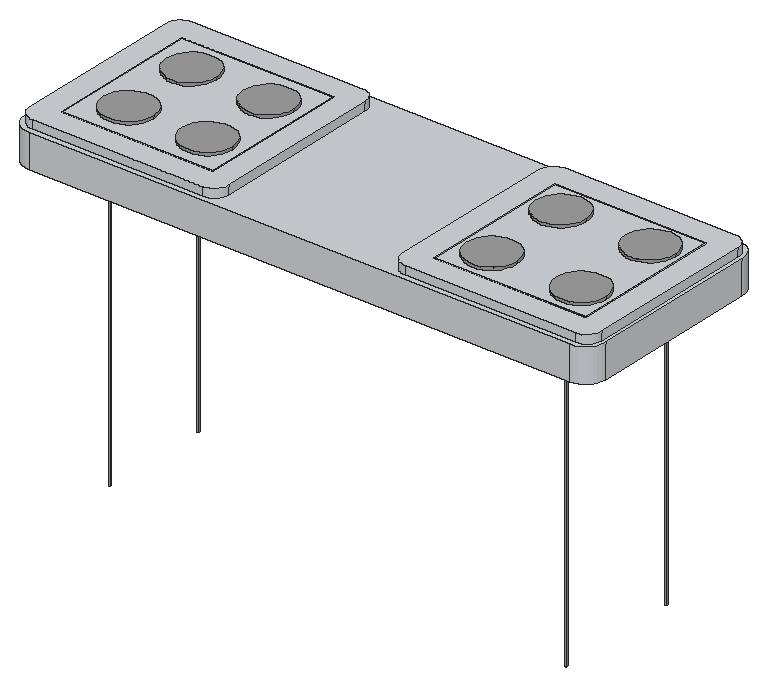
Revit family "Lighting-Industrial-GEWISS-SMART[4]HT_HIGHBAYS-LED_2M", category Apparecchi per illuminazione, Revit 2019
Family settings
  Quota connettore circolare = Usa diametro
  Tipo di parte = Normale
  Numero OmniClass = 23.80.70.00
  Titolo OmniClass = Lighting
  Basato su piano di lavoro = Sì
  Sempre verticale = No
  Taglio con vuoti quando caricato = No
  Sorgente d'illuminazione = No
  Condiviso = No
  Punto di calcolo locali = No
Parameters (values of type "GWS4220CQ857 - SMART4HB 2M ST.AL.ON/OFF HT ELL.57K")
  Wiring = "With GW connect watertight connector"
  Weight (kg): = "6,5"
  Warranty = "5 years"
  Voltaggio = 230 V
  Version file RFA = "20.11"
  Unique digital code (Datamatrix) = "Datamatrix"
  Unified Glare Rating = "-"
  URL = "https://www.gewiss.com/ww/en"
  Type of light source = "LED - Not replaceable"
  Tilt- = "With bracket accessory"
  Technical sheet = "https://www.gewiss.com/ww/en/search?q=GWS4220CQ857"
  System power = "95W"
  Supply voltage = "220 - 240 V"
  Stocking temperature = "-40 +70 °C"
  Standards and approvals = "-"
  Standard- = "EN 60598-1 ; EN 60598-2-1 ; EN 60598-2-24"
  Standard Deviation Colour Matching = "SDCM = 3"
  Spostamento_y_etichetta [instance] = 0 mm
  Spostamento_y_effettivo_etichetta [instance] = 1500 mm - Spostamento_y_etichetta  # 1500 mm
  Spostamento_x_etichetta [instance] = 0 mm
  Spostamento_X_effettivo_etichetta [instance] = 1500 mm - Spostamento_x_etichetta  # 1500 mm
  Shock resistance = "IK08"
  Shield type = "Tempered glass Thickness 4mm"
  SEO = "High bay"
  Realized by GEWISS S.p.A. = ""
  Rated frequency (Hz) = "50/60 Hz"
  Produttore = "GEWISS S.p.A."
  Photobiological Risk Class = "RG0"
  Overvoltage protection = "DM 6 kV / CM 10 kV"
  Optic and illuminating features = "-"
  Optic Maintenance = "Non-replaceable"
  Optic : = "Metallic PC reflector and PMMA lenses"
  Optic = "Elliptical"
  Operating temperature : = "-30°C ÷ +60 °C"
  Offset etichetta W [instance] = 150 mm
  Mouting and installation = "Ceiling - Wallmounting - Suspension"
  Modello = "GWS4220CQ857"
  Maximum surface exposed to the wind : = "0,184 m²"
  Materials = "-"
  Luminaire = "LED Industrial Reflector "
  Lumen output (lm) = "12300"
  Locking Hook = "-"
  Lifetime = "L90B10 (Tq+25°C) = 100.000 h - L90B10 (Tq+60°C) = 50.000 h"
  Lampada = "LED"
  LED Maintenance = "Non-replaceable"
  Insulation class = "I"
  Installationa and maintenance = "-"
  Immagine tipo = GWL1311.jpg
  IPEA = "-"
  IP degree = "IP66"
  IFC.TypeObject = ""
  IFC.ExportType = ""
  IFC.ExportAs = ""
  IDT = "49c3e8f37ff04899ac4930bfed1f69ff"
  IDF = "839da4ee-841e-4bfb-a8c6-95c99c875941"
  Glow Wire Test : = "850 °C"
  General information = "-"
  Gasket = "anti-aging silicone"
  Fixing = "-"
  External screw = "Stainless steel"
  Etichetta wattaggio [instance] = yes
  Trasformatore = none
  Struttura plafoniera = none
  Spessore plafoniera = 40 mm  # constant formula
  Default Elevation = 1219.2 mm  # constant formula
  Proiettsmart2_simb [instance] = yes
  Plafoniera bidimensionale [instance] = not(Proiettsmart2_simb)  # no
  Eletrical and lighting features = "-"
  Electrocod = "2444"
  Efficiency (lm/W) = "129"
  Driver Box = "Built-in"
  Driver = "Included"
  Device with reduced surface temperature = "Yes"
  Descrizione = "SMART[4]HB 2M ST.AL.ON/OFF HT ELL.57K"
  DIN 18032-3 certification = "-"
  Control System : = "ON / OFF"
  Control System = "ON / OFF"
  Context = "Logistics and industrial manufacturing lighting"
  Commenti sul wattaggio = "97W"
  Colour temperature = "5700K"
  Colour : = "Grey RAL 7035"
  Colour = "Grey RAL 7035"
  Color Rendering Index = "CRI-80"
  Classificazione = Lighting
  Classification: = "-"
  Catalogue = "LIGHTING"
  Carico apparente = 97 VA
  Motore = none
  Mascherina = none
  Lunghezza = 699 mm  # constant formula
  Larghezza = 254 mm  # constant formula
  Distanza_tot_plafoniera [instance] = 350 mm
  Dist_sorg_lum = 10 mm  # constant formula
  COBie.Tagnumber = ""
  COBie.CreatedOn = ""
  COBie.CreatebBy = ""
  COBie.ComponentRegisterItemID = ""
  COBie.Component.TagNumber = ""
  COBie.Component.Space = ""
  COBie.Component.SerialNumber = ""
  COBie.Component.InstallationDate = ""
  COBie.Component.Description = ""
  COBie.Component.BarCode = ""
  Body = "PA6 \"Halogen Free\" loaded fibreglass"
  Application = "Internal"
Types (8, lengths in mm): name | Unified Glare Rating | Technical sheet | SEO | Optic : | Optic | Modello | Lumen output (lm) | IDT | Efficiency (lm/W) | Descrizione | Colour temperature
  GWS4220CH840 - SMART4HB 2M ST.AL.ON/OFF HT 60° 40K | "UGR - 22" | "https://www.gewiss.com/ww/en/search?q=GWS4220CH840" | "" | "Metallic PC reflector and PMMA lenses" | "60°" | "GWS4220CH840" | "13800" | "032348fbbadd4e61adee6f9b35df2f57" | "145" | "SMART[4]HB 2M ST.AL.ON/OFF HT 60° 40K" | "4000K"
  GWS4220CH857 - SMART4HB 2M ST.AL.ON/OFF HT 60° 57K | "UGR - 22" | "https://www.gewiss.com/ww/en/search?q=GWS4220CH857" | "" | "Metallic PC reflector and PMMA lenses" | "60°" | "GWS4220CH857" | "13800" | "f90f21b9aa8e4c868bb57ac0909551c6" | "145" | "SMART[4]HB 2M ST.AL.ON/OFF HT 60° 57K" | "5700K"
  GWS4220CP840 - SMART4HB 2M ST.AL.ON/OFF HT 90° 40K | "UGR - 22" | "https://www.gewiss.com/ww/en/search?q=GWS4220CP840" | "" | "Metallic PC reflector and PMMA lenses" | "90°" | "GWS4220CP840" | "13900" | "1f7033b1545a49e28696d86cfd12ef8d" | "146" | "SMART[4]HB 2M ST.AL.ON/OFF HT 90° 40K" | "4000K"
  GWS4220CP857 - SMART4HB 2M ST.AL.ON/OFF HT 90° 57K | "UGR - 22" | "https://www.gewiss.com/ww/en/search?q=GWS4220CP857" | "" | "Metallic PC reflector and PMMA lenses" | "90°" | "GWS4220CP857" | "13900" | "eee74155124d421e98292017676cf887" | "146" | "SMART[4]HB 2M ST.AL.ON/OFF HT 90° 57K" | "5700K"
  GWS4220CA840 - SMART4HB 2M ST.AL.ON/OFF HT ARR.40K | "UGR - 25" | "https://www.gewiss.com/ww/en/search?q=GWS4220CA840" | "High bay" | "Metallized polycarbonate reflector" | "Array" | "GWS4220CA840" | "13800" | "97622a1e53d74260821b7fd23619bd86" | "145" | "SMART[4]HB 2M ST.AL.ON/OFF HT ARR.40K" | "4000K"
  GWS4220CA857 - SMART4HB 2M ST.AL.ON/OFF HT ARR.57K | "UGR - 25" | "https://www.gewiss.com/ww/en/search?q=GWS4220CA857" | "High bay" | "Metallized polycarbonate reflector" | "Array" | "GWS4220CA857" | "13800" | "2d03557c56734ff393c7910ae70ae4db" | "145" | "SMART[4]HB 2M ST.AL.ON/OFF HT ARR.57K" | "5700K"
  GWS4220CQ840 - SMART4HB 2M ST.AL.ON/OFF HT ELL.40K | "-" | "https://www.gewiss.com/ww/en/search?q=GWS4220CQ840" | "High bay" | "Metallic PC reflector and PMMA lenses" | "Elliptical" | "GWS4220CQ840" | "12300" | "534499056d164e008ffe52dd9cf93aa9" | "129" | "SMART[4]HB 2M ST.AL.ON/OFF HT ELL.40K" | "4000K"
  GWS4220CQ857 - SMART4HB 2M ST.AL.ON/OFF HT ELL.57K | "-" | "https://www.gewiss.com/ww/en/search?q=GWS4220CQ857" | "High bay" | "Metallic PC reflector and PMMA lenses" | "Elliptical" | "GWS4220CQ857" | "12300" | "49c3e8f37ff04899ac4930bfed1f69ff" | "129" | "SMART[4]HB 2M ST.AL.ON/OFF HT ELL.57K" | "5700K"
Reference planes
  plane 1 "Asse sorgente illuminazione (F/B)": y = 0
  plane 2: z = 0
  plane 3 "Asse sorgente illuminazione (L/R)": x = 0
  plane 4 "Prospetto sorgente di illuminazione": z = 1500
  plane 5: x = -349.5
  plane 6: y = 127
  plane 7: x = 349.5
  plane 8: y = -127
  plane 9: x = 344.5
  plane 10: x = -344.5
  plane 11: x = -104.5
  plane 12: x = 104.5
  plane 13: y = -1500
  plane 14: z = 390
  plane 15: z = 390
  plane 16: z = 400
  plane 17: z = 350
  plane 18: y = 0
  plane 19: x = -1500
  plane 20: x = 0
Dimensions and locks
  equal spacing: plane 6, plane 1 "Asse sorgente illuminazione (F/B)", plane 8
  "Larghezza": plane 6 to plane 8
  equal spacing: plane 5, plane 3 "Asse sorgente illuminazione (L/R)", plane 7
  "Lunghezza": plane 5 to plane 7
  locked: plane 5 to plane 10 at 5
  locked: plane 9 to plane 7 at 5
  locked: plane 16 to plane 14 at 10
  locked: plane 15 to plane 17 at 40
  "Distanza_tot_plafoniera": plane 17 to plane 2
  plane 1 "Asse sorgente illuminazione (F/B)" to plane 13 = 1500 mm
  "Spostamento_y_effettivo_etichetta": plane 18 to plane 13
  plane 19 to plane 3 "Asse sorgente illuminazione (L/R)" = 1500 mm
  "Spostamento_X_effettivo_etichetta": plane 19 to plane 20
  aligned and locked: level to plane 2
  aligned and locked: nested 15 to plane 14
  aligned and locked: plane 14 to nested 16
  aligned and locked: plane 16 to nested 8
  aligned and locked: nested 6 to plane 16
  aligned and locked: plane 16 to nested 7
  aligned and locked: nested 5 to plane 16
  aligned and locked: nested 3 to plane 16
  aligned and locked: plane 16 to nested 1
  aligned and locked: nested 4 to plane 16
  aligned and locked: plane 16 to nested 2
  aligned and locked: nested 11 to plane 2  (x2)
  aligned and locked: nested 10 to plane 2
  aligned and locked: nested 9 to plane 2
  aligned and locked: plane 14 to plane 15
  aligned and locked: plane 17 to nested 14
  aligned and locked: nested 17 to plane 18
  aligned and locked: nested 17 to plane 20
  aligned and locked: plane 2 to nested 18
  aligned and locked: plane 2 to nested 11
Nested families
  nested 1: "Gewis - Led" at (171.717, 52, 403), type "Gewis - Led", detail levels medium+fine
  nested 2: "Gewis - Led" at (279.5, 52, 403), type "Gewis - Led", detail levels medium+fine
  nested 3: "Gewis - Led" at (171.717, -52, 403), type "Gewis - Led", detail levels medium+fine
  nested 4: "Gewis - Led" at (279.5, -52, 403), type "Gewis - Led", detail levels medium+fine
  nested 5: "Gewis - Led" at (-174.5, 45, 403) x (-1, 0, 0) z (0, 0, 1), type "Gewis - Led", detail levels medium+fine
  nested 6: "Gewis - Led" at (-269.5, 47.625, 403) x (-1, 0, 0) z (0, 0, 1), type "Gewis - Led", detail levels medium+fine
  nested 7: "Gewis - Led" at (-174.5, -47.089, 403) x (-1, 0, 0) z (0, 0, 1), type "Gewis - Led", detail levels medium+fine
  nested 8: "Gewis - Led" at (-269.5, -47.089, 403) x (-1, 0, 0) z (0, 0, 1), type "Gewis - Led", detail levels medium+fine
  nested 9: "Sospensione_ SMART LAB 4" at (274.838, 81.5, 0), Altezza sospensione <- "Distanza_tot_plafoniera", type "Sospensione_ SMART LAB 4"
    with Altezza sospensione 350 mm, Default Elevation 350 mm
  nested 10: "Sospensione_ SMART LAB 4" at (274.838, -69, 0), Altezza sospensione <- "Distanza_tot_plafoniera", type "Sospensione_ SMART LAB 4"
    with Altezza sospensione 350 mm, Default Elevation 350 mm
  nested 11: "Sospensione_ SMART LAB 4" at (-276.662, -66.5, 0), Altezza sospensione <- "Distanza_tot_plafoniera", type "Sospensione_ SMART LAB 4"
    with Altezza sospensione 350 mm, Default Elevation 350 mm
  nested 12: "PROIETTSMART - 2" at (0, 0, 0), visible <- "Proiettsmart2_simb", type "PROIETTSMART - 2"
  nested 13: "Rappr_ bidimensionale_SMART (4)  4 + 4 L " at (0, 0, 0), visible <- "Plafoniera bidimensionale", type "SMART (4)  4 + 4 L_bidimensionale "
  nested 14: "Struttura_SMART 4" at (0, 0, 390), type "SMART 4 HB - 4+4L"
  nested 15: "mascherina_SMART (4)" at (-224.5, 0, 400) x (-1, 0, 0) z (0, 0, 1), type "Maschera_smart (4) 4L", detail levels fine
  nested 16: "mascherina_SMART (4)" at (224.5, 0, 400), type "Maschera_smart (4) 4L", detail levels fine
  nested 17: "ETICHETTA LIGHT" at (0, 0, 0), type "ETICHETTA LIGHT"
  nested 18: "Sospensione_ SMART LAB 4" at (-276.662, 66.5, 0), Altezza sospensione <- "Distanza_tot_plafoniera", type "Sospensione_ SMART LAB 4"
    with Altezza sospensione 350 mm, Default Elevation 350 mm
Connectors
  electrical at (0.009, -0.098, 350), driven by "Carico apparente"
    settings: on nested 14, index 1, voltage 230 V, apparent load 0 VA, apparent load phase1 97 VA, apparent load phase2 0 VA, apparent load phase3 0 VA, power factor 1, load classification "Lighting", number of poles 2, system type 31, power factor state 1, is connector primary yes, connector utility no, sub classification motor no, connector description ""
Definition of nested family "Gewis - Led"
  Parameters (values of type "Gewis - Led")
    Vetro = none
    Raggio led = 30 mm
    Default Elevation = 1219.2 mm
    Estensione vetro = 3 mm
  Reference planes
    plane 1 "Centro (Fronte/Retro)": y = 0
    plane 2: z = 0
    plane 3 "Centro (Sinistra/Destra)": x = 0
  Forms (mm)
    Extrusion 1, solid, material <- "Vetro"
      sketch origin (0, 0, 0) x (1, 0, 0) y (0, 1, 0)
        loop
          circle (0, 0) r 30
      from -3 to 0
  Dimensions and locks
    "Estensione vetro": level to Extrusion 1
    "Raggio led": radius of Extrusion 1 sketch curve
    aligned and locked: level to plane 2
    aligned and locked: level to Extrusion 1
  Automatic sketch dimensions
    plane 1 "Centro (Fronte/Retro)" to Extrusion 1 sketch curve = 0 mm
    Extrusion 1 sketch curve to plane 3 "Centro (Sinistra/Destra)" = 0 mm
Definition of nested family "Sospensione_ SMART LAB 4"
  Parameters (values of type "Sospensione_ SMART LAB 4")
    Default Elevation = 400 mm
    Altezza sospensione [instance] = 500 mm
  Reference planes
    plane 1 "Center (Front/Back)": y = 0
    plane 2: z = 0
    plane 3 "Center (Left/Right)": x = 0
    plane 4: z = 500
    plane 5: z = 30.7
  Forms (mm)
    Extrusion 1, solid
      sketch origin (0, 0, 0) x (1, 0, 0) y (0, 1, 0)
        loop
          circle (0, -0.028) r 1.25
      from 0 to 500
  Lines and regions (mm)
    model lines, not visible
      curve 1: line (0, 0, 0) -> (0, 0, 9.482)
  Dimensions and locks
    "Altezza sospensione": plane 4 to level
    plane 2 to plane 4 = 500 mm
    aligned and locked: level to plane 2
    aligned and locked: Extrusion 1 to plane 2
    aligned and locked: plane 4 to Extrusion 1
  Automatic sketch dimensions
    Extrusion 1 sketch curve to plane 3 "Center (Left/Right)" = 0 mm
    plane 1 "Center (Front/Back)" to Extrusion 1 sketch curve = 0.028 mm
    curve 1 to plane 3 "Center (Left/Right)" = 0 mm
    curve 1 to level = 0 mm
    curve 1 to curve 1 = 9.482 mm
    radius of Extrusion 1 sketch curve = 1.25 mm
Definition of nested family "Struttura_SMART 4"
  Parameters (values of type "SMART 4 HB - 4+4L")
    Struttura plafoniera = none
    Spessore_plafoniera = 40 mm
    Lunghezza = 699 mm
    Larghezza = 254 mm
  Types (2, lengths in mm): name | Lunghezza | Larghezza
    SMART Lab (4) 4L | 383 | 253
    SMART 4 HB - 4+4L | 699 | 254
  Reference planes
    plane 1 "Asse sorgente illuminazione (F/B)": y = 0
    plane 2: z = 0
    plane 3 "Asse sorgente illuminazione (L/R)": x = 0
    plane 4 "Prospetto sorgente di illuminazione": z = -40
    plane 5 "SX": x = -349.5
    plane 6 "DX": x = 349.5
    plane 7 "DIETRO": y = 127
    plane 8 "AVANTI": y = -127
    plane 9: x = 106.5
    plane 10: x = 338.5
    plane 11: y = -116
    plane 12: y = 116
    plane 13: x = -338.5
    plane 14: x = -106.5
  Forms (mm)
    Extrusion 1, solid, material <- "Struttura plafoniera"
      sketch origin (0, 0, 0) x (1, 0, 0) y (0, 1, 0)
        loop
          line (349.5, -102.595) -> (349.5, 102.59)
          arc (349.5, 102.59) -> (342.35, 119.85) -> (325.09, 127) r 24.41
          line (325.09, 127) -> (-325.009, 127)
          arc (-325.009, 127) -> (-342.554, 119.6) -> (-349.5, 101.871) r 24.499
          line (-349.5, 101.871) -> (-349.5, -102.592)
          arc (-349.5, -102.592) -> (-342.351, -119.851) -> (-325.092, -127) r 24.408
          line (-325.092, -127) -> (325.117, -127)
          arc (325.117, -127) -> (342.334, -119.868) -> (349.465, -102.652) r 24.348
      from -40 to 0
  Dimensions and locks
    equal spacing: plane 5 "SX", plane 3 "Asse sorgente illuminazione (L/R)", plane 6 "DX"
    equal spacing: plane 7 "DIETRO", plane 1 "Asse sorgente illuminazione (F/B)", plane 8 "AVANTI"
    "Lunghezza": plane 5 "SX" to plane 6 "DX"
    "Larghezza": plane 7 "DIETRO" to plane 8 "AVANTI"
    locked: plane 7 "DIETRO" to plane 12 at 11
    locked: plane 11 to plane 8 "AVANTI" at 11
    locked: plane 10 to plane 6 "DX" at 11
    locked: plane 9 to plane 10 at 232
    plane 13 to plane 14 = 232 mm
    locked: plane 5 "SX" to plane 13 at 11
    "Spessore_plafoniera": plane 2 to plane 4 "Prospetto sorgente di illuminazione"
    aligned and locked: level to plane 2
    aligned and locked: Extrusion 1 to plane 5 "SX"
    aligned and locked: Extrusion 1 to plane 8 "AVANTI"  (x2)
    aligned and locked: plane 7 "DIETRO" to Extrusion 1
    aligned and locked: plane 6 "DX" to Extrusion 1
    aligned and locked: plane 4 "Prospetto sorgente di illuminazione" to Extrusion 1
    aligned and locked: plane 2 to Extrusion 1
  Automatic sketch dimensions
    Extrusion 1 sketch curve to plane 5 "SX" = 0 mm
    Extrusion 1 sketch curve to plane 8 "AVANTI" = 0 mm
    Extrusion 1 sketch curve to plane 7 "DIETRO" = 0 mm
    Extrusion 1 sketch curve to plane 6 "DX" = 0 mm
    plane 13 to Extrusion 1 sketch curve = 13.408 mm
    plane 13 to Extrusion 1 sketch curve = 13.491 mm
    Extrusion 1 sketch curve to plane 10 = 13.41 mm
    Extrusion 1 sketch curve to plane 10 = 13.383 mm
    plane 11 to Extrusion 1 sketch curve = 13.348 mm
    Extrusion 1 sketch curve to plane 12 = 14.129 mm
    Extrusion 1 sketch curve to Extrusion 1 sketch curve = 0.056 mm
Definition of nested family "mascherina_SMART (4)"
  Parameters (values of type "Maschera_smart (4) 4L")
    Spessore_mascherina = 10 mm
    Default Elevation = 1219.2 mm
    N.intarsi = (Lunghezza_mascherina - (Bordo * 2)) / 15 mm  # 12
    N._intarsi verticale = (Larghezza_mascherina - (Bordo * 2)) / 17 mm  # 11
    Mascherina = none
    Lunghezza_mascherina = 240 mm
    Larghezza_mascherina = 240 mm
    Distanza_intarsi v. = 41 mm  # constant formula
    Distanza_intarsi = 37 mm  # constant formula
    Bordo = 29 mm
  Reference planes
    plane 1 "Centro (Fronte/Retro)": y = 0
    plane 2: z = 0
    plane 3 "Centro (Sinistra/Destra)": x = 0
    plane 4: x = -120
    plane 5 "Dietro": y = 120
    plane 6: x = 120
    plane 7: y = -120
    plane 8: x = -91
    plane 9: y = -91
    plane 10: x = 91
    plane 11: y = 91
    plane 12: x = -83
    plane 13: y = 94.742
    plane 14: y = -95
    plane 15: z = -10
    plane 16: x = -95
    plane 17: y = 79
    plane 18: y = -79
    plane 19: x = 95
    plane 20: z = -4.799
  Forms (mm)
    Extrusion 1, solid, material <- "Mascherina"
      sketch origin (0, 0, 0) x (1, 0, 0) y (0, 1, 0)
        loop
          arc (-102.5, 120) -> (-114.874, 114.874) -> (-120, 102.5) r 17.5
          line (-120, 102.5) -> (-120, -102.5)
          arc (-120, -102.5) -> (-114.874, -114.874) -> (-102.5, -120) r 17.5
          line (-102.5, -120) -> (102.5, -120)
          arc (102.5, -120) -> (114.874, -114.874) -> (120, -102.5) r 17.5
          line (120, -102.5) -> (120, 102.5)
          arc (120, 102.5) -> (114.874, 114.874) -> (102.5, 120) r 17.5
          line (102.5, 120) -> (-102.5, 120)
        loop
          line (-91, 91) -> (-91, -91) -> (91, -91) -> (91, 91) -> (-91, 91)
      from -10 to 0
    Extrusion 2, solid, material <- "Mascherina"
      sketch origin (0, 0, 0) x (1, 0, 0) y (0, 1, 0)
        loop
          line (-91, 91) -> (-91, -91) -> (91, -91) -> (91, 91) -> (-91, 91)
      from -4.799 to 0
  Dimensions and locks
    equal spacing: plane 4, plane 3 "Centro (Sinistra/Destra)", plane 6
    "Lunghezza_mascherina": plane 4 to plane 6
    equal spacing: plane 5 "Dietro", plane 1 "Centro (Fronte/Retro)", plane 7
    "Larghezza_mascherina": plane 5 "Dietro" to plane 7
    "Bordo": plane 4 to plane 8
    "Bordo": plane 9 to plane 7
    "Bordo": plane 5 "Dietro" to plane 11
    "Bordo": plane 10 to plane 6
    "Distanza_intarsi": plane 4 to plane 12
    locked: plane 13 to plane 11 at 3.742
    "Spessore_mascherina": plane 2 to plane 15
    "Distanza_intarsi v.": plane 5 "Dietro" to plane 17
    "Distanza_intarsi v.": plane 18 to plane 7
    locked: plane 9 to plane 14 at 4
    locked: plane 16 to plane 8 at 4
    locked: plane 10 to plane 19 at 4
    locked: plane 2 to plane 20 at 4.799
    radius of Extrusion 1 sketch curve = 17.5 mm  (x4)
    aligned and locked: level to plane 2
    aligned and locked: plane 4 to Extrusion 1 sketch curve
    aligned and locked: plane 6 to Extrusion 1 sketch curve
    aligned and locked: Extrusion 1 sketch curve to plane 5 "Dietro"
    aligned and locked: Extrusion 1 sketch curve to plane 7
    aligned and locked: Extrusion 1 sketch curve to plane 11
    aligned and locked: plane 8 to Extrusion 1 sketch curve
    aligned and locked: plane 9 to Extrusion 1 sketch curve
    aligned and locked: Extrusion 1 sketch curve to plane 10
    aligned and locked: plane 2 to Extrusion 1
    aligned and locked: Extrusion 1 to plane 15
    aligned and locked: Extrusion 2 sketch curve to plane 10
    aligned and locked: plane 9 to Extrusion 2 sketch curve
    aligned and locked: plane 8 to Extrusion 2 sketch curve
    aligned and locked: Extrusion 2 sketch curve to plane 11
    aligned and locked: plane 2 to Extrusion 2
    aligned and locked: Extrusion 2 to plane 20
Definition of nested family "PROIETTSMART - 2"
  Reference planes
    plane 1 "Centro (Fronte/Retro)": y = 0
    plane 2: z = 0
    plane 3 "Centro (Sinistra/Destra)": x = 0
  Lines and regions (mm)
    model lines, in view "Livello rif."
      curve 1: line (87.132, -21.515, 0) -> (43.932, -0.008, 0)
      curve 2: line (43.932, -0.008, 0) -> (87.132, 21.758, 0)
      curve 3: line (87.132, 21.758, 0) -> (87.132, -21.515, 0)
      curve 4: line (43.932, 21.629, 0) -> (43.932, -21.645, 0)
      curve 5: line (43.932, -0.008, 0) -> (18.672, -0.008, 0)
      curve 6: line (87.132, 0.122, 0) -> (105.785, 0.122, 0)
      curve 7: line (128.701, 66.747, 0) -> (128.701, -66.747, 0)
      curve 8: line (128.701, -66.747, 0) -> (-131.299, -66.747, 0)
      curve 9: line (-131.299, -66.747, 0) -> (-131.299, 66.747, 0)
      curve 10: line (-131.299, 66.747, 0) -> (128.701, 66.747, 0)
      curve 11: line (12.311, 49.667, 0) -> (111.66, 49.667, 0)
      curve 12: line (111.66, 49.667, 0) -> (111.66, -49.683, 0)
      curve 13: line (111.66, -49.683, 0) -> (12.311, -49.683, 0)
      curve 14: line (12.311, -49.683, 0) -> (12.311, 49.667, 0)
      curve 15: line (-39.438, -21.515, 0) -> (-82.637, -0.008, 0)
      curve 16: line (-82.637, -0.008, 0) -> (-39.438, 21.758, 0)
      curve 17: line (-39.438, 21.758, 0) -> (-39.438, -21.515, 0)
      curve 18: line (-82.637, 21.629, 0) -> (-82.637, -21.645, 0)
      curve 19: line (-82.637, -0.008, 0) -> (-107.898, -0.008, 0)
      curve 20: line (-39.438, 0.122, 0) -> (-20.785, 0.122, 0)
      curve 21: line (-114.259, 49.667, 0) -> (-14.909, 49.667, 0)
      curve 22: line (-14.909, 49.667, 0) -> (-14.909, -49.683, 0)
      curve 23: line (-14.909, -49.683, 0) -> (-114.259, -49.683, 0)
      curve 24: line (-114.259, -49.683, 0) -> (-114.259, 49.667, 0)
Definition of nested family "Rappr_ bidimensionale_SMART (4)  4 + 4 L "
  Reference planes
    plane 1 "Centro (Fronte/Retro)": y = 0
    plane 2: z = 0
    plane 3 "Centro (Sinistra/Destra)": x = 0
  Lines and regions (mm)
    model lines, in view "Livello rif."
      curve 1: circle (175.602, 47.039, 0) r 28.619 normal (0, 0, 1)
      curve 2: circle (269.602, -46.961, 0) r 28.619 normal (0, 0, 1)
      curve 3: circle (175.602, -46.961, 0) r 28.619 normal (0, 0, 1)
      curve 4: circle (269.602, 47.039, 0) r 28.619 normal (0, 0, 1)
      curve 5: arc (103.203, -104.051, 0) -> (107.722, -114.924, 0) -> (118.601, -119.425, 0) r 15.398
      curve 6: arc (-118.547, -119.425, 0) -> (-107.659, -114.915, 0) -> (-103.149, -104.027, 0) r 15.398
      curve 7: arc (-103.149, 103.973, 0) -> (-107.668, 114.87, 0) -> (-118.571, 119.371, 0) r 15.398
      curve 8: arc (-326.571, 119.371, 0) -> (-337.453, 114.844, 0) -> (-341.945, 103.948, 0) r 15.398
      curve 9: arc (-341.945, -104.002, 0) -> (-337.444, -114.906, 0) -> (-326.547, -119.425, 0) r 15.398
      curve 10: arc (326.601, -119.425, 0) -> (337.498, -114.906, 0) -> (342, -104.002, 0) r 15.398
      curve 11: arc (342, 103.998, 0) -> (337.472, 114.878, 0) -> (326.577, 119.371, 0) r 15.398
      curve 12: arc (118.577, 119.371, 0) -> (107.713, 114.861, 0) -> (103.203, 103.997, 0) r 15.398
      curve 13: arc (-349.401, -104, 0) -> (-342.727, -120.168, 0) -> (-326.575, -126.881, 0) r 22.854
      curve 14: arc (-326.574, 126.827, 0) -> (-342.707, 120.133, 0) -> (-349.401, 104, 0) r 22.854
      curve 15: arc (349.455, 104, 0) -> (342.742, 120.152, 0) -> (326.574, 126.827, 0) r 22.854
      curve 16: arc (326.573, -126.881, 0) -> (342.761, -120.187, 0) -> (349.455, -104, 0) r 22.854
      curve 17: circle (-175.548, -47.093, 0) r 28.619 normal (0, 0, 1)
      curve 18: circle (-269.548, 46.907, 0) r 28.619 normal (0, 0, 1)
      curve 19: circle (-175.548, 46.907, 0) r 28.619 normal (0, 0, 1)
      curve 20: circle (-269.548, -47.093, 0) r 28.619 normal (0, 0, 1)
      curve 21: line (130.101, -92.527, 0) -> (130.101, 92.473, 0)
      curve 22: line (130.101, 92.473, 0) -> (315.101, 92.473, 0)
      curve 23: line (315.101, 92.473, 0) -> (315.101, -92.527, 0)
      curve 24: line (315.101, -92.527, 0) -> (130.101, -92.527, 0)
      curve 25: line (103.203, -104.051, 0) -> (103.203, 103.997, 0)
      curve 26: line (118.601, -119.425, 0) -> (326.601, -119.425, 0)
      curve 27: line (-326.547, -119.425, 0) -> (-118.547, -119.425, 0)
      curve 28: line (-103.149, -104.027, 0) -> (-103.149, 103.973, 0)
      curve 29: line (-326.571, 119.371, 0) -> (-118.571, 119.371, 0)
      curve 30: line (-341.945, -104.002, 0) -> (-341.945, 103.948, 0)
      curve 31: line (342, -104.002, 0) -> (342, 103.998, 0)
      curve 32: line (118.577, 119.371, 0) -> (326.577, 119.371, 0)
      curve 33: line (-349.401, -104, 0) -> (-349.401, 104, 0)
      curve 34: line (326.574, 126.827, 0) -> (-326.574, 126.827, 0)
      curve 35: line (349.455, -104, 0) -> (349.455, 104, 0)
      curve 36: line (326.573, -126.881, 0) -> (-326.575, -126.881, 0)
      curve 37: line (-130.047, -92.527, 0) -> (-315.047, -92.527, 0)
      curve 38: line (-315.047, -92.527, 0) -> (-315.047, 92.473, 0)
      curve 39: line (-315.047, 92.473, 0) -> (-130.047, 92.473, 0)
      curve 40: line (-130.047, 92.473, 0) -> (-130.047, -92.527, 0)
Definition of nested family "ETICHETTA LIGHT"
  Parameters (values of type "ETICHETTA LIGHT")
    COMMENTI = "236W"
  Reference planes
    plane 1: y = 0
    plane 2: x = 0
  Text (mm)
    label "COMMENTI" at (-0.057, 0.105, 0), shows "COMMENTI"
